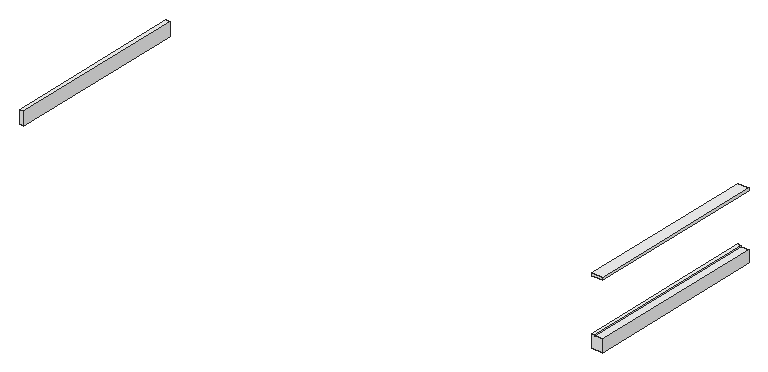
Revit family "Perfil_Bloco_C", category Structural Framing, Revit 2020
Family settings
  Display in Hidden Views = Edges Hidden by Other Members
  Structural Framing Length Roundoff = 0.000 m
  Section Shape = Not Defined
  Material for Model Behavior = Concrete
  Always export as geometry = No
  Work Plane-Based = No
  Always vertical = Yes
  Cut with Voids When Loaded = Yes
  Symbolic Representation = From Family
  Shared = No
  Show family pre-cut in plan views = Yes
Parameters
  Structural Material [instance] = CT_Concreto
  Material_Viga_Janelas [instance] = CT_Concreto
  Comprimento [instance] = 7.500 m
Reference planes (m)
  plane 1 "Centro (Frente/Trás)": y = 0
  plane 2: z = 0
  plane 3 "Centro (Esquerda/Direita)": x = 0
Forms (m)
  Extrusion 1, solid, material "CT_Concreto" <- "Structural Material"
    sketch origin (0, 0, 0.06) x (1, 0, 0) y (0, 0, 1)
      loop
        line (9.6249, 4.15) -> (9.6249, 4.65) -> (9.3249, 4.65) -> (9.3249, 4.7) -> (9.1749, 4.7) -> (9.1749, 4.15) -> (9.6249, 4.15)
      loop
        line (-14.3501, 4.15) -> (-14.2001, 4.15) -> (-14.2001, 4.7) -> (-14.3501, 4.7) -> (-14.3501, 4.15)
    from 0 to 7.5
  Extrusion 2, solid, material "CT_Concreto" <- "Material_Viga_Janelas"
    sketch origin (0, 0, 0.06) x (1, 0, 0) y (0, 0, 1)
      loop
        line (9.6249, 6.92) -> (9.1749, 6.92) -> (9.1749, 6.82) -> (9.6249, 6.82) -> (9.6249, 6.92)
    from 0 to 7.5
Dimensions and locks (m)
  "Comprimento": Extrusion 1 to Extrusion 1
  aligned and locked: level to plane 2
Automatic sketch dimensions
  level to Extrusion 1 sketch curve = 4.210 m  (x2)
  Extrusion 1 sketch curve to plane 3 "Centro (Esquerda/Direita)" = 14.3501 m
  Extrusion 1 sketch curve to Extrusion 1 sketch curve = 0.150 m  (x2)
  plane 3 "Centro (Esquerda/Direita)" to Extrusion 1 sketch curve = 9.1749 m
  Extrusion 1 sketch curve to Extrusion 1 sketch curve = 0.450 m
  Extrusion 1 sketch curve to Extrusion 1 sketch curve = 0.500 m
  Extrusion 1 sketch curve to Extrusion 1 sketch curve = 0.550 m
  Extrusion 1 sketch curve to Extrusion 1 sketch curve = 0.050 m
  Extrusion 2 sketch curve to Extrusion 2 sketch curve = 0.450 m
  Extrusion 2 sketch curve to Extrusion 2 sketch curve = 0.100 m
  plane 3 "Centro (Esquerda/Direita)" to Extrusion 2 sketch curve = 9.1749 m
  level to Extrusion 2 sketch curve = 6.880 m
